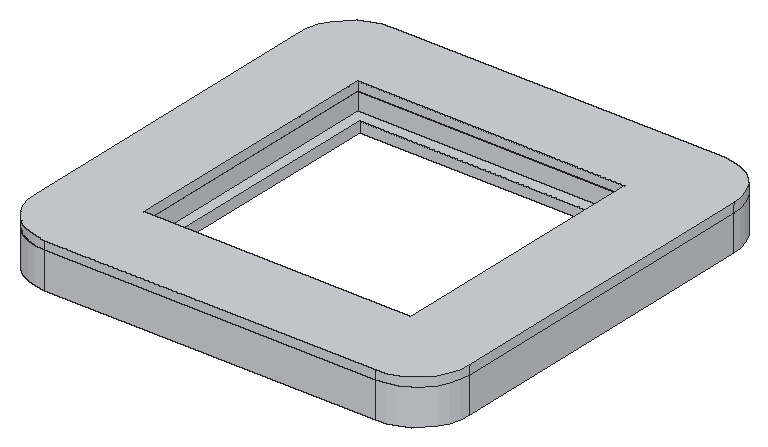
Revit family "Gira_0211423", category Electrical Fixtures, host Face, Revit 2017
Family settings
  Host = Face
  Maintain Annotation Orientation = No
  Round Connector Dimension = Use Diameter
  Part Type = Normal
  Cut with Voids When Loaded = No
  Shared = No
  Room Calculation Point = No
Parameters (values of type "Abdeckrahmen 1f Gira E3 Dklgrau/Anthrazit")
  Werkstoffgüte = "sonstige"
  Werkstoff = "sonstige"
  URL = "http://katalog.gira.de/de_DE/datenblatt.html?artikelnr=0211423"
  Transparent = "No"
  Textfeld/Beschriftungsfläche = "No"
  Schutzart (IP) = "IP20"
  Region = "DE"
  Oberfläche = "sonstige"
  Name = "Abdeckrahmen 1f Gira E3 Dklgrau/Anthrazit"
  Montagerichtung = "horizontal und vertikal"
  Mit Montagerahmen = "No"
  Mit Klappdeckel = "No"
  Manufacturer URL = "https://www.gira.de/"
  Keynote = "E3_Rahmen_1fach"
  HeinzeBIM = "https://bimportal.heinze.de/bim/abdeckrahmen-1f-gira-e3-dklgrau-anthrazit/583b878eb01e83113f9052b8ca3063965917b5de"
  Halogenfrei = "No"
  HAN = "0211423"
  Geeignet für Unterputz-Installation = "Yes"
  Geeignet für Unterflurkanaldose = "No"
  Geeignet für Geräteeinbaukanal = "No"
  Geeignet für Einbauinstallation = "No"
  GTIN = "4010337024088"
  Farbe = "grau"
  Default Elevation = 1219.2 mm
  Data sheet (1) = "https://katalog.gira.de/de_DE/download.html?artikelnr=0211423"
  Category = "Abdeckrahmen"
  Befestigungsart = "Klemmbefestigung"
  Available = "Yes"
  Anzahl der Einheiten vertikal = "1 "
  Anzahl der Einheiten horizontal = "1 "
  Anzahl der Einheiten = "1 "
Reference planes
  plane 1 "Center (Front/Back)": y = 0
  plane 2: z = 0
  plane 3 "Center (Left/Right)": x = 0
Forms (mm)
  Extrusion 1, solid, detail levels fine
    sketch origin (0, 0, 0) x (1, 0, 0) y (0, 1, 0)
      loop
        arc (-34.8, 45.809) -> (-42.585, 42.585) -> (-45.809, 34.8) r 11.009
        line (-45.809, 34.8) -> (-45.809, -34.8)
        arc (-45.809, -34.8) -> (-42.585, -42.585) -> (-34.8, -45.809) r 11.009
        line (-34.8, -45.809) -> (34.8, -45.809)
        arc (34.8, -45.809) -> (42.585, -42.585) -> (45.809, -34.8) r 11.009
        line (45.809, -34.8) -> (45.809, 34.8)
        arc (45.809, 34.8) -> (42.585, 42.585) -> (34.8, 45.809) r 11.009
        line (34.8, 45.809) -> (-34.8, 45.809)
      loop
        line (28.187, 28.156) -> (-28.187, 28.156) -> (-28.187, -28.156) -> (28.187, -28.156) -> (28.187, 28.156)
    from 7.65 to 9.5
  Extrusion 2, solid, detail levels fine
    sketch origin (0, 0, 0) x (1, 0, 0) y (0, 1, 0)
      loop
        line (25.7, 25.7) -> (-25.7, 25.7) -> (-25.7, -25.7) -> (25.7, -25.7) -> (25.7, 25.7)
      loop
        line (-28.187, -28.156) -> (28.187, -28.156) -> (28.187, 28.156) -> (-28.187, 28.156) -> (-28.187, -28.156)
    from 1.65 to 3.9
  Extrusion 3, solid, detail levels fine
    sketch origin (0, 0, 0) x (1, 0, 0) y (0, 1, 0)
      loop
        arc (-34.8, 45.809) -> (-42.585, 42.585) -> (-45.809, 34.8) r 11.009
        line (-45.809, 34.8) -> (-45.809, -34.8)
        arc (-45.809, -34.8) -> (-42.585, -42.585) -> (-34.8, -45.809) r 11.009
        line (-34.8, -45.809) -> (34.8, -45.809)
        arc (34.8, -45.809) -> (42.585, -42.585) -> (45.809, -34.8) r 11.009
        line (45.809, -34.8) -> (45.809, 34.8)
        arc (45.809, 34.8) -> (42.585, 42.585) -> (34.8, 45.809) r 11.009
        line (34.8, 45.809) -> (-34.8, 45.809)
      loop
        line (-43.843, 34.785) -> (-43.843, -34.785)
        arc (-43.843, -34.785) -> (-41.19, -41.19) -> (-34.785, -43.843) r 9.058
        line (-34.785, -43.843) -> (34.785, -43.843)
        arc (34.785, -43.843) -> (41.19, -41.19) -> (43.843, -34.785) r 9.058
        line (43.843, -34.785) -> (43.843, 34.785)
        arc (43.843, 34.785) -> (41.19, 41.19) -> (34.785, 43.843) r 9.058
        line (34.785, 43.843) -> (-34.785, 43.843)
        arc (-34.785, 43.843) -> (-41.19, 41.19) -> (-43.843, 34.785) r 9.058
    from 0 to 7.65
  Extrusion 4, solid, detail levels fine
    sketch origin (0, 0, 0) x (1, 0, 0) y (0, 1, 0)
      loop
        line (-27.337, -31.075) -> (27.337, -31.075)
        arc (27.337, -31.075) -> (29.98, -29.98) -> (31.075, -27.337) r 3.739
        line (31.075, -27.337) -> (31.075, 27.337)
        arc (31.075, 27.337) -> (29.98, 29.98) -> (27.337, 31.075) r 3.739
        line (27.337, 31.075) -> (-27.337, 31.075)
        arc (-27.337, 31.075) -> (-29.98, 29.98) -> (-31.075, 27.337) r 3.739
        line (-31.075, 27.337) -> (-31.075, -27.337)
        arc (-31.075, -27.337) -> (-29.98, -29.98) -> (-27.337, -31.075) r 3.739
      loop
        line (-29.925, 27.537) -> (-29.925, -27.537)
        arc (-29.925, -27.537) -> (-29.226, -29.226) -> (-27.537, -29.925) r 2.389
        line (-27.537, -29.925) -> (27.537, -29.925)
        arc (27.537, -29.925) -> (29.226, -29.226) -> (29.925, -27.537) r 2.389
        line (29.925, -27.537) -> (29.925, 27.537)
        arc (29.925, 27.537) -> (29.226, 29.226) -> (27.537, 29.925) r 2.389
        line (27.537, 29.925) -> (-27.537, 29.925)
        arc (-27.537, 29.925) -> (-29.226, 29.226) -> (-29.925, 27.537) r 2.389
    from 1.65 to 7.65
  Extrusion 5, solid, detail levels fine
    sketch origin (0, 0, 0) x (1, 0, 0) y (0, 1, 0)
      loop
        line (-32.053, -39.8) -> (32.053, -39.8)
        arc (32.053, -39.8) -> (37.667, -36.708) -> (39.9, -30.7) r 9.2
        line (39.9, -30.7) -> (39.9, 30.7)
        arc (39.9, 30.7) -> (37.205, 37.205) -> (30.7, 39.9) r 9.2
        line (30.7, 39.9) -> (-30.7, 39.9)
        arc (-30.7, 39.9) -> (-37.205, 37.205) -> (-39.9, 30.7) r 9.2
        line (-39.9, 30.7) -> (-39.9, -30.7)
        arc (-39.9, -30.7) -> (-37.667, -36.708) -> (-32.053, -39.8) r 9.2
      loop
        line (-30.7, -31.7) -> (30.7, -31.7)
        arc (30.7, -31.7) -> (31.407, -31.407) -> (31.7, -30.7) r 1
        line (31.7, -30.7) -> (31.7, 30.7)
        arc (31.7, 30.7) -> (31.407, 31.407) -> (30.7, 31.7) r 1
        line (30.7, 31.7) -> (-30.7, 31.7)
        arc (-30.7, 31.7) -> (-31.407, 31.407) -> (-31.7, 30.7) r 1
        line (-31.7, 30.7) -> (-31.7, -30.7)
        arc (-31.7, -30.7) -> (-31.407, -31.407) -> (-30.7, -31.7) r 1
    from 1.65 to 3.9
  Extrusion 6, solid, detail levels fine
    sketch origin (0, 0, 0) x (1, 0, 0) y (0, 1, 0)
      loop
        line (-28.187, 28.156) -> (-28.187, -28.156) -> (28.187, -28.156) -> (28.187, 28.156) -> (-28.187, 28.156)
      loop
        line (-29.925, 29.925) -> (-29.925, -29.925) -> (29.925, -29.925) -> (29.925, 29.925) -> (-29.925, 29.925)
    from 1.65 to 7.65
  Extrusion 7, solid, detail levels coarse+medium
    sketch origin (0, 0, 0) x (1, 0, 0) y (0, 1, 0)
      loop
        line (-45.809, 45.809) -> (-45.809, -45.809) -> (45.809, -45.809) -> (45.809, 45.809) -> (-45.809, 45.809)
    from 0 to 9.5
Dimensions and locks
  aligned and locked: plane 2 to host face
  aligned and locked: level to host face
